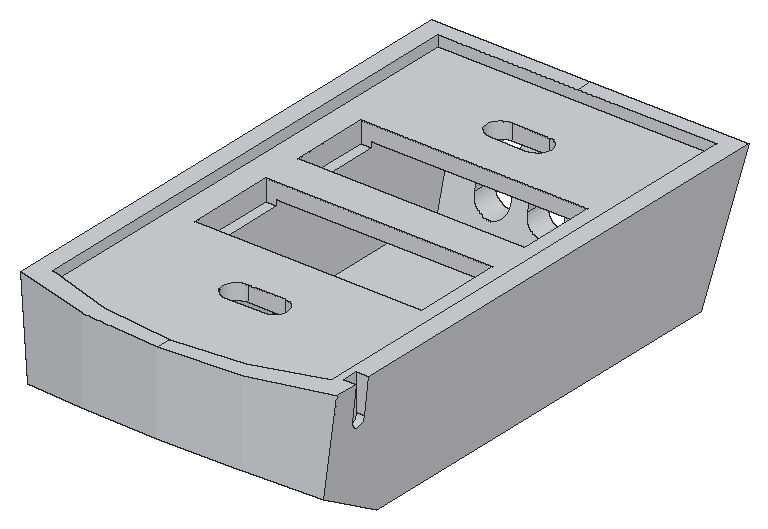
Revit family
Parameters
  Material ID = "760091298"
  Description = "M13FP-TR1-246, SG, LP, KIT, IVORY/CLEAR"
Reference planes (in)
  plane 1 "Center (Front/Back)": y = 0
  plane 2: z = 0
  plane 3 "Center (Left/Right)": x = 0
Forms (in)
  Extrusion 1, solid
    sketch origin (0, 0, 0) x (1, 0, 0) y (0, 0, 1)
      loop
        line (0, 0) -> (-1.5, 0) -> (-1.36411, -1.29288)
        arc (-1.36411, -1.29288) -> (0, -1.46105) -> (1.36411, -1.29288) r 5.61665
        line (1.36411, -1.29288) -> (1.5, 0) -> (0, 0)
    from 0 to 5.15
  Extrusion 2, void
    sketch origin (-0.315, -0.46, 0) x (0, -1, 0) y (0, 0, 1)
      loop
        line (4.69, -0.76) -> (3.39096, -1.51) -> (5.03982, -1.56758) -> (4.69, -0.76)
      loop
        line (-0.46, 0) -> (-0.46, -2) -> (0.02432, -1.58412) -> (-0.46, 0)
    from -2.31334 to 1.58324
  Extrusion 3, void
    sketch origin (0, 0, 0) x (1, 0, 0) y (0, 0, 1)
      loop
        line (0, -0.30208) -> (-0.17, -0.30208) -> (-0.17, -0.93208)
        arc (-0.17, -0.93208) -> (0, -1.10208) -> (0.17, -0.93208) r 0.17
        line (0.17, -0.93208) -> (0.17, -0.30208) -> (0, -0.30208)
      loop
        line (0.5, -0.30208) -> (0.33, -0.30208) -> (0.33, -0.93208)
        arc (0.33, -0.93208) -> (0.5, -1.10208) -> (0.67, -0.93208) r 0.17
        line (0.67, -0.93208) -> (0.67, -0.30208) -> (0.5, -0.30208)
      loop
        line (-0.5, -0.30208) -> (-0.67, -0.30208) -> (-0.67, -0.93208)
        arc (-0.67, -0.93208) -> (-0.5, -1.10208) -> (-0.33, -0.93208) r 0.17
        line (-0.33, -0.93208) -> (-0.33, -0.30208) -> (-0.5, -0.30208)
    from 0 to 1.1297
  Extrusion 4, void
    sketch origin (0, 0, 0) x (0, 1, 0) y (0, 0, 1)
      loop
        line (-4.64553, 0) -> (-4.64553, -0.3408)
        arc (-4.64553, -0.3408) -> (-4.57053, -0.4158) -> (-4.49553, -0.3408) r 0.075
        line (-4.49553, -0.3408) -> (-4.49553, 0) -> (-4.64553, 0)
    from 1.38228 to 2.61273
  Extrusion 5, void
    sketch origin (-0.315, -5.15, -0.76) x (0, -0.866025, 0.5) y (1, 0, 0)
      loop
        line (-0.39601, -0.86983) -> (-0.39601, 1.48946) -> (-0.96777, 1.48946) -> (-0.96777, -0.86983) -> (-0.39601, -0.86983)
    from 0 to 0.1
  Extrusion 6, void
    sketch origin (0, 0, 0) x (1, 0, 0) y (0, 1, 0)
      loop
        line (-1.5, -4.87079) -> (-1.57493, -5.34388) -> (1.75481, -5.48673) -> (1.5, -4.87079)
        arc (1.5, -4.87079) -> (0, -5.12605) -> (-1.5, -4.87079) r 4.53489
    from -3.94063 to 12
  Extrusion 7, void
    sketch origin (0, 0, 0) x (1, 0, 0) y (0, 1, 0)
      loop
        line (1.07293, -1.36236) -> (-1.08023, -1.36236) -> (-1.08023, -2.11236) -> (1.07293, -2.11236) -> (1.07293, -1.36236)
      loop
        line (1.07293, -2.48638) -> (-1.08023, -2.48638) -> (-1.08023, -3.32789) -> (1.07293, -3.32789) -> (1.07293, -2.48638)
      loop
        line (-0.17488, -0.97433) -> (0.17488, -0.97433)
        arc (0.17488, -0.97433) -> (0.30997, -0.83923) -> (0.17488, -0.70414) r 0.1351
        line (0.17488, -0.70414) -> (-0.17488, -0.70414)
        arc (-0.17488, -0.70414) -> (-0.30997, -0.83923) -> (-0.17488, -0.97433) r 0.1351
      loop
        line (-0.17488, -4.09808) -> (0.17488, -4.09808)
        arc (0.17488, -4.09808) -> (0.30997, -3.96299) -> (0.17488, -3.82789) r 0.1351
        line (0.17488, -3.82789) -> (-0.17488, -3.82789)
        arc (-0.17488, -3.82789) -> (-0.30997, -3.96299) -> (-0.17488, -4.09808) r 0.1351
    from -0.30208 to 0.99709
  Extrusion 8, void
    sketch origin (0, 0, 0) x (1, 0, 0) y (0, 1, 0)
      loop
        line (1.3138, -0.14345) -> (-1.32839, -0.14345) -> (-1.32839, -4.70424)
        arc (-1.32839, -4.70424) -> (-0.0073, -4.98064) -> (1.3138, -4.70424) r 3.29537
        line (1.3138, -4.70424) -> (1.3138, -0.14345)
    from -0.1 to 1.57629
  Extrusion 9, void
    sketch origin (0, 0, 0) x (0, 1, 0) y (0, 0, 1)
      loop
        line (-0.33429, -0.24801) -> (-4.79748, -0.24801) -> (-4.79748, -0.74801) -> (-4.19071, -1.18885) -> (-0.59344, -1.18885) -> (-0.33429, -0.24801)
    from -0.97383 to 0.98902
Cuts and joins
  Extrusion 2, Extrusion 3, Extrusion 4, Extrusion 5, Extrusion 6, Extrusion 7, Extrusion 8, Extrusion 9 cuts Extrusion 1
